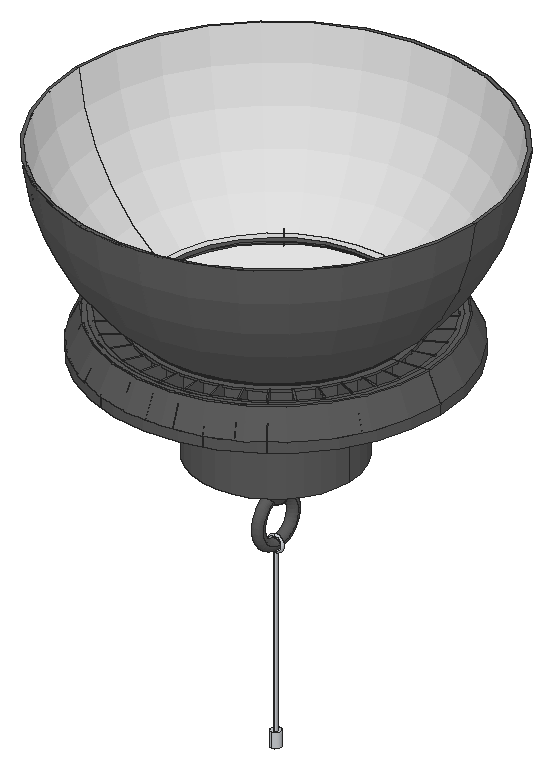
Revit family "0039364+0039360 Sylvania Lighting Fixture START HighBay IP65 DALI 26000lm 840 MB with ALU SHADE BLACK COLOR FOR 26KLM pendant", category Lighting Fixtures, host Face, Revit 2017
Family settings
  Host = Face
  Round Connector Dimension = Use Diameter
  Part Type = Normal
  OmniClass Number = 23.80.70.00
  OmniClass Title = Lighting
  Cut with Voids When Loaded = No
  Light Source = Yes
  Shared = No
  Room Calculation Point = No
Parameters (values of type "0039364+0039360 START HighBay IP65 DALI 26000lm 840 MB with ALU SHADE BLACK COLOR FOR 26KLM")
  WidthStraight_FEILO = if(SizeS_FEILO, 3 mm, if(SizeM_FEILO, 4 mm, 4.7 mm))  # 4.7 mm
  WidthRingChamfer_FEILO = if(SizeS_FEILO, 10.3 mm, if(SizeM_FEILO, 11.2 mm, 12.9 mm))  # 12.9 mm
  WidthCurved_FEILO = if(SizeS_FEILO, 17.4 mm, if(SizeM_FEILO, 16.4 mm, 26.2 mm))  # 26.2 mm
  WidthCurvedRing_FEILO = if(SizeS_FEILO, 3 mm, if(SizeM_FEILO, 4 mm, 4.7 mm))  # 4.7 mm
  WidthBracket_FEILO = 40 mm
  Weight = "3.7 kg"
  Wattage Comments = ""
  Wattage = 190 W
  WarrantyStartDate [instance] = "n/a"
  WarrantyGuarantorParts = "n/a"
  WarrantyDurationUnit = "n/a"
  WarrantyDurationParts = "n/a"
  WarrantyDescription = "n/a"
  built-in parameter 1150110 = 1 (stored number, unit not read)
  Voltage = 0 V
  VisibilityBracket_FEILO = no
  URL = "http://www.sylvania-lighting.com"
  TypeName = "START HighBay IP65 DALI 26000lm 840 MB with ALU SHADE BLACK COLOR FOR 26KLM"
  Type Image = <None>
  Type Comments = "n/a"
  built-in parameter 1114217 = 1 (stored number, unit not read)
  Tilt Angle = -90.00°
  ThicknessWall_FEILO = 1.5 mm
  ThicknessBracket_FEILO = 1.5 mm
  ThicknessBracketHalf_FEILO = ThicknessBracket_FEILO / 2  # 0.75 mm
  built-in parameter 1150109 = 1 (stored number, unit not read)
  built-in parameter 1150134 = 12
  SuspensionHeight_FEILO [instance] = 400 mm
  built-in parameter 1150113 = 1 (stored number, unit not read)
  SizeS_FEILO = no
  SizeM_FEILO = no
  ShadeThickness_FEILO = 3 mm
  ShadeSizeSM_FEILO = or(SizeS_FEILO, SizeM_FEILO)  # no
  ShadeRadiusOut_FEILO = 205 mm
  ShadeRadiusIn_FEILO = if(ShadeSizeSM_FEILO, 95 mm, 121 mm)  # 121 mm
  ShadeRadiusBend_FEILO = if(ShadeSizeSM_FEILO, 210 mm, 210 mm)  # 210 mm
  ShadeHeight_FEILO = if(ShadeSizeSM_FEILO, 120 mm, 151 mm)  # 151 mm
  SerialNumber [instance] = "n/a"
  Rib4_FEILO = if(SizeS_FEILO, 18.1 mm, if(SizeM_FEILO, 13.6 mm, 14.6 mm))  # 14.6 mm
  Rib3_FEILO = if(SizeS_FEILO, 15.3 mm, if(SizeM_FEILO, 17.6 mm, 20.2 mm))  # 20.2 mm
  Rib2_FEILO = if(SizeS_FEILO, 3.6 mm, if(SizeM_FEILO, 3.9 mm, 4.5 mm))  # 4.5 mm
  Rib1_FEILO = if(SizeS_FEILO, 15.1 mm, if(SizeM_FEILO, 16.5 mm, 19 mm))  # 19 mm
  RadiusDiffuser_FEILO = if(SizeS_FEILO, 95.2 mm, if(SizeM_FEILO, 105.3 mm, 120 mm))  # 120 mm
  RadiusArrayPost_FEILO = DriverRadius_FEILO - 6 mm  # 70.4 mm
  RHRadius3_FEILO = if(SizeS_FEILO, 6.6 mm, if(SizeM_FEILO, 7.4 mm, 8.6 mm))  # 8.6 mm
  RHRadius2_FEILO = if(SizeS_FEILO, 11 mm, if(SizeM_FEILO, 12 mm, 14 mm))  # 14 mm
  RHRadius1_FEILO = if(SizeS_FEILO, 13.6 mm, if(SizeM_FEILO, 14.9 mm, 17.7 mm))  # 17.7 mm
  RHHeight4_FEILO = if(SizeS_FEILO, 7.3 mm, if(SizeM_FEILO, 8 mm, 9.2 mm))  # 9.2 mm
  RHHeight3_FEILO = if(SizeS_FEILO, 3.6 mm, if(SizeM_FEILO, 3.7 mm, 4.6 mm))  # 4.6 mm
  RHHeight2_FEILO = if(SizeS_FEILO, 2 mm, if(SizeM_FEILO, 2.2 mm, 2.6 mm))  # 2.6 mm
  RHHeight1_FEILO = if(SizeS_FEILO, 11.8 mm, if(SizeM_FEILO, 15.3 mm, 17.4 mm))  # 17.4 mm
  Photometric Web File = "0039364+0039360.ies"
  Material_5_FEILO = Shade-Sylvania-StartHighbay-Alu
  Material_3_FEILO = LED-Sylvania-StartHighbay-Glow
  PowerFactor = 0.95
  PowerConsumption = "190 W"
  NominalLength = 339 mm
  NominalHeight = 189 mm
  NominalDepth = 339 mm
  Name = "START HighBay IP65 DALI 26000lm 840 MB with ALU SHADE BLACK COLOR FOR 26KLM"
  ModelReference = Name  # "START HighBay IP65 DALI 26000lm 840 MB with ALU SHADE BLACK COLOR FOR 26KLM"
  ModelNumber = "0039364+0039360"
  Model = Name  # "START HighBay IP65 DALI 26000lm 840 MB with ALU SHADE BLACK COLOR FOR 26KLM"
  Material = "aluminium alloy housing, polycarbonate diffuser"
  ManufacturerName = "Feilo Sylvania"
  Manufacturer = "Feilo Sylvania"
  LuminousEfficacy = "130 lm/W"
  built-in parameter 1150105 = 33569.2 (stored number, unit not read)
  Lumens = 24700 lm
  LuminaireType = ""
  built-in parameter 1150115 = 1 (stored number, unit not read)
  LightOutputRatio = "n/a"
  built-in parameter 1150137 = (empty or 0)
  built-in parameter 1150139 = (empty or 0)
  LampsType = Lamp  # "LED"
  LampNominalLuminous = "24700 lm"
  LampMacAdamStep = "6"
  LampColourTemperature = "4000 K"
  LampColourRenderingIndex = "80"
  built-in parameter 1150112 = 1 (stored number, unit not read)
  built-in parameter 1150114 = 1 (stored number, unit not read)
  Lamp = "LED"
  Keynote = "16500"
  InstallationDate [instance] = "n/a"
  InputVoltage = "n/a"
  InputNominalFrequency = "50/60 Hz"
  built-in parameter 1150132 = (empty or 0)
  built-in parameter 1150102 = (empty or 0)
  built-in parameter 1150107 = 4000 (stored number, unit not read)
  built-in parameter 1150138 = (empty or 0)
  IngressProtection = "IP65"
  ImpactProtectionIndex = "IK08"
  built-in parameter 1150106 = 335.69 (stored number, unit not read)
  IfcExportType = "IfcLightFixtureType"
  IfcExportAs = "IfcLightFixtureType"
  HeightRing_FEILO = if(SizeS_FEILO, 19.8 mm, if(SizeM_FEILO, 32 mm, 36.8 mm))  # 36.8 mm
  HeightRingChamfer_FEILO = if(SizeS_FEILO, 11.7 mm, if(SizeM_FEILO, 23.2 mm, 26.6 mm))  # 26.6 mm
  EyeThickness_FEILO = if(SizeS_FEILO, 8.4 mm, if(SizeM_FEILO, 9.2 mm, 10.5 mm))  # 10.5 mm
  EyeThicknessHalf_FEILO = EyeThickness_FEILO / 2  # 5.25 mm
  EyeInner_FEILO = if(SizeS_FEILO, 13.8 mm, if(SizeM_FEILO, 15.1 mm, 17.3 mm))  # 17.3 mm
  ExpectedLife = 50000
  Emit from Circle Diameter = RadiusDiffuser_FEILO * 2  # 240 mm
  Emit Shape Visible in Rendering = no
  ElectricShockClassification = "Class I"
  built-in parameter 1150104 = 12.077 (stored number, unit not read)
  DurationUnit = "hours"
  DriverVerticalStraight_FEILO = if(SizeS_FEILO, 46.5 mm, if(SizeM_FEILO, 49.7 mm, 57 mm))  # 57 mm
  DriverVerticalChamfer_FEILO = if(SizeS_FEILO, 7.5 mm, if(SizeM_FEILO, 8.2 mm, 9.5 mm))  # 9.5 mm
  DriverRadius_FEILO = if(SizeS_FEILO, 61.4 mm, if(SizeM_FEILO, 67.2 mm, 76.4 mm))  # 76.4 mm
  DriverRadiusTop_FEILO = if(SizeS_FEILO, 42 mm, if(SizeM_FEILO, 45.3 mm, 52.4 mm))  # 52.4 mm
  DriverBottom_FEILO = if(SizeS_FEILO, 56 mm, if(SizeM_FEILO, 64.5 mm, 74 mm))  # 74 mm
  DocumentationLiterature = "http://www.sylvania-lighting.com/product/en-int/products/0039364"
  DimmingControlOptions = "Dimmable"
  Material_2_FEILO = Diffuser-Sylvania-StartHighbay-Transparent
  Radius_FEILO = if(SizeS_FEILO, 135 mm, if(SizeM_FEILO, 148 mm, 169.5 mm))  # 169.5 mm
  Dimming Lamp Color Temperature Shift = <None>
  DiameterWire_FEILO = 3 mm
  DiameterWireSupport_FEILO = 10 mm
  Description = "START Highbay, includes 1 m cables, black aluminium housing, 24,700 Lm, 190 W, 130 Lm/W, 4000 K, drive current: 4100 mA, CRI 80, 60° beam angle, DALI dimmable, IP65, IK08, 50,000 hrs (L80/B50), (D x H) 339 x 189 mm."
  Default Elevation = 1219.2 mm
  CreatedOn = "5/15/2018"
  CreatedBy = ""
  Cost = 0
  Color Filter = 16777215
  built-in parameter 1114216 [instance] = (empty or 0)
  ClassificationValue = "EF_70_80"
  ClassificationName = "Uniclass2015"
  Material_1_FEILO = Body-Sylvania-StartHighbay-Black
  BarCode [instance] = "n/a"
  built-in parameter 1114218 = 1 (stored number, unit not read)
  built-in parameter 1150133 = 10 (stored number, unit not read)
  AssetType = "Fixed"
  AssetIdentifier [instance] = "n/a"
  Assembly Code = "D5020200"
  Apparent Load = 190 VA
  Material_4_FEILO = Shade-Sylvania-StartHighbay-Black
Reference planes
  plane 1 "Center (Front/Back)": y = 0
  plane 2: z = 0
  plane 3 "Center (Left/Right)": x = 0
  plane 4: z = 400
  plane 5: x = -169.5
  plane 6: x = -156.6
  plane 7: z = 373.4
  plane 8: z = 363.2
  plane 9: x = -151.9
  plane 10: z = 397.375
  plane 11: x = -125.7
  plane 12: x = -120
  plane 13: x = -147.2
  plane 14: z = 398.375
  plane 15: z = 396.375
  plane 16: x = -117
  plane 17: z = 395.375
  plane 18: x = -168
  plane 19: x = -150.5
  plane 20: z = 358.7
  plane 21: x = -130.3
  plane 22: z = 344.1
  plane 23: x = -20
  plane 24: z = 326
  plane 25: x = -76.4
  plane 26: z = 269
  plane 27: x = -52.4
  plane 28: z = 259.5
  plane 29: x = -17.7
  plane 30: z = 242.1
  plane 31: z = 239.5
  plane 32: x = -14
  plane 33: z = 234.9
  plane 34: z = 225.7
  plane 35: x = -8.6
  plane 36: z = 208.4
  plane 37: z = 191.1
  plane 38: x = 5.25
  plane 39: x = -5.25
  plane 40: z = 180.6
  plane 41: z = 185.85
  plane 42: x = -162.3
  plane 43: x = -167
  plane 44: z = 361.7
  plane 45: x = -155.1
  plane 46: z = 297.5
  plane 47: y = -20
  plane 48: y = 20
  plane 49: x = 169.5
  plane 50: x = 156.6
  plane 51: x = 168
  plane 52: x = 162.3
  plane 53: x = 167
  plane 54: x = 155.1
  plane 55: z = 194.1
  plane 56: y = 1.5
  plane 57: y = -1.5
  plane 58: z = 192.6
  plane 59: z = 179.1
  plane 60: z = 177.6
  plane 61: y = -5
  plane 62: y = 5
  plane 63: z = 14
  plane 64: x = -205
  plane 65: z = 551
  plane 66: x = -121
  plane 67: x = -113
  plane 68: x = -202
  plane 69: z = 403
Forms (mm)
  Revolve 1, solid, material "Body-Sylvania-StartHighbay-Black" <- "Material_1_FEILO", detail levels medium+fine
    sketch origin (0, 0, 0) x (1, 0, 0) y (0, 0, 1)
      loop
        line (-169.5, 363.2) -> (-168, 363.2) -> (-168, 373.055) -> (-156.206, 397.375) -> (-147.2, 397.375) -> (-147.2, 399.137)
        arc (-147.2, 399.137) -> (-149.554, 399.547) -> (-151.9, 400) r 132.063
        line (-151.9, 400) -> (-156.141, 400)
        arc (-156.141, 400) -> (-156.63, 399.826) -> (-156.899, 399.383) r 0.774
        line (-156.899, 399.383) -> (-169.5, 373.4) -> (-169.5, 363.2)
      axis (0, 400) -> (0, 363.2)
    angle from 360 to 0
  Revolve 2, solid, material "Body-Sylvania-StartHighbay-Black" <- "Material_1_FEILO", detail levels medium+fine
    sketch origin (0, 0, 0) x (1, 0, 0) y (0, 0, 1)
      loop
        line (-125.7, 395.375) -> (-120, 395.375) -> (-120, 373.4) -> (0, 373.4) -> (0, 395.375) -> (-117, 395.375) -> (-117, 396.375) -> (-120, 396.375) -> (-120, 397.375) -> (-125.7, 397.375) -> (-125.7, 395.375)
      axis (0, 397.375) -> (0, 373.4)
    angle from 360 to 0
  Revolve 3, solid, material "Diffuser-Sylvania-StartHighbay-Transparent" <- "Material_2_FEILO", detail levels medium+fine
    sketch origin (0, 0, 0) x (1, 0, 0) y (0, 0, 1)
      loop
        line (-120, 396.375) -> (0, 396.375) -> (0, 398.375) -> (-120, 398.375) -> (-120, 396.375)
      axis (0, 398.375) -> (0, 396.375)
    angle from 360 to 0
  Revolve 4, solid, material "Body-Sylvania-StartHighbay-Black" <- "Material_1_FEILO"
    sketch origin (0, 0, 0) x (1, 0, 0) y (0, 0, 1)
      loop
        line (-76.4, 344.1) -> (-76.4, 269) -> (-52.4, 259.5) -> (-17.7, 259.5) -> (-17.7, 242.1) -> (-14, 239.5) -> (-14, 234.9) -> (-9.037, 226.426)
        arc (-9.037, 226.426) -> (-8.49, 225.894) -> (-7.753, 225.7) r 1.5
        line (-7.753, 225.7) -> (0, 225.7) -> (0, 344.1) -> (-76.4, 344.1)
      axis (0, 344.1) -> (0, 225.7)
    angle from 360 to 0
  Revolve 5, solid, material "Body-Sylvania-StartHighbay-Black" <- "Material_1_FEILO"
    sketch origin (0, 0, 0) x (1, 0, 0) y (0, 0, 1)
      loop
        circle (0, 185.85) r 5.25
      axis (5.25, 208.4) -> (-5.25, 208.4)
    angle from 360 to 0
  Extrusion 6, solid, material "Body-Sylvania-StartHighbay-Black" <- "Material_1_FEILO", visible <- "VisibilityBracket_FEILO"
    sketch origin (0, 0, 0) x (1, 0, 0) y (0, 0, 1)
      loop
        line (-167, 363.2) -> (-167, 361.7) -> (-157.35, 361.7)
        arc (-157.35, 361.7) -> (-156.82, 361.48) -> (-156.6, 360.95) r 0.75
        line (-156.6, 360.95) -> (-156.6, 297.5) -> (-155.1, 297.5) -> (-155.1, 361.7)
        arc (-155.1, 361.7) -> (-155.539, 362.761) -> (-156.6, 363.2) r 1.5
        line (-156.6, 363.2) -> (-167, 363.2)
      loop
        line (167, 363.2) -> (156.6, 363.2)
        arc (156.6, 363.2) -> (155.539, 362.761) -> (155.1, 361.7) r 1.5
        line (155.1, 361.7) -> (155.1, 297.5) -> (156.6, 297.5) -> (156.6, 360.95)
        arc (156.6, 360.95) -> (156.82, 361.48) -> (157.35, 361.7) r 0.75
        line (157.35, 361.7) -> (167, 361.7) -> (167, 363.2)
    from -20 to 20
  Extrusion 7, void
    sketch origin (0, 0, 0) x (0, 1, 0) y (0, 0, 1)
      loop
        arc (-10, 297.5) -> (-17.071, 300.429) -> (-20, 307.5) r 10
        line (-20, 307.5) -> (-25, 307.5) -> (-25, 292.5) -> (-10, 292.5) -> (-10, 297.5)
      loop
        line (10, 297.5) -> (10, 292.5) -> (25, 292.5) -> (25, 307.5) -> (20, 307.5)
        arc (20, 307.5) -> (17.071, 300.429) -> (10, 297.5) r 10
    from -156.6 to 156.6
  Revolve 8, solid, material "Body-Sylvania-StartHighbay-Black" <- "Material_1_FEILO", detail levels coarse
    sketch origin (0, 0, 0) x (1, 0, 0) y (0, 0, 1)
      loop
        line (0, 400) -> (-156.6, 400) -> (-169.5, 373.4) -> (-169.5, 363.2) -> (-150.5, 363.2) -> (-150.5, 358.7) -> (-130.3, 344.1) -> (0, 344.1) -> (0, 400)
      axis (0, 400) -> (0, 344.1)
    angle from 360 to 0
  Revolve 9, solid
    sketch origin (0, 0, 0) x (0, 1, 0) y (0, 0, 1)
      loop
        circle (0, 192.6) r 1.5
      axis (1.5, 185.85) -> (-1.5, 185.85)
    angle from 360 to 0
  Revolve 10, solid
    sketch origin (0, 0, 0) x (0, 1, 0) y (0, 0, 1)
      loop
        line (0, 0) -> (0, 179.1) -> (-1.5, 179.1) -> (-1.5, 14) -> (-5, 14) -> (-5, 0) -> (0, 0)
      axis (0, 0) -> (0, 179.1)
    angle from 360 to 0
  Revolve 11, solid, material "Shade-Sylvania-StartHighbay-Black" <- "Material_4_FEILO"
    sketch origin (0, 0, 0) x (1, 0, 0) y (0, 0, 1)
      loop
        line (-121, 400) -> (-113, 400) -> (-113, 403) -> (-120.341, 403)
        arc (-120.341, 403) -> (-177.055, 468.269) -> (-202.193, 551) r 207.203
        line (-202.193, 551) -> (-205, 551)
        arc (-205, 551) -> (-179.25, 466.46) -> (-121, 400) r 210
      axis (0, 551) -> (0, 400)
    angle from 360 to 0
Cuts and joins
  Extrusion 7 cuts Extrusion 6
Lines and regions (mm)
  reference lines
    curve 1: line (-169.5, 0, 373.4) -> (-156.6, 0, 400)
    curve 2: line (-125.7, 0, 397.375) -> (0, 0, 397.375)
    curve 3: arc (-125.7, 0, 397.375) -> (-138.866, 0, 398.033) -> (-151.9, 0, 400) r 132.063
    curve 4: line (-156.6, 0, 400) -> (-151.9, 0, 400)
    curve 5: line (-156.206, 0, 397.375) -> (-168, 0, 373.055)
    curve 6: line (-150.5, 0, 358.7) -> (-130.3, 0, 344.1)
    curve 7: line (-14, 0, 234.9) -> (-8.6, 0, 225.7)
    curve 8: circle (0, 0, 185.85) r 5.25 normal (0, -1, 0)
    curve 9: arc (-121, 0, 400) -> (-179.25, 0, 466.46) -> (-205, 0, 551) r 210
Dimensions and locks
  "Radius_FEILO": plane 3 "Center (Left/Right)" to plane 5
  "WidthRingChamfer_FEILO": plane 6 to plane 5
  "WidthStraight_FEILO": plane 9 to plane 6
  "WidthCurvedRing_FEILO": plane 13 to plane 9
  locked: plane 10 to plane 15 at 1
  locked: plane 14 to plane 10 at 1
  locked: plane 4 to plane 10 at 2.625
  locked: plane 15 to plane 17 at 1
  "ThicknessWall_FEILO": plane 18 to plane 5
  "ThicknessWall_FEILO": curve 5 to curve 1
  "HeightRingChamfer_FEILO": plane 4 to plane 7
  "HeightRing_FEILO": plane 4 to plane 8
  "RadiusDiffuser_FEILO": plane 3 "Center (Left/Right)" to plane 12
  locked: plane 16 to plane 12 at 3
  "WidthCurved_FEILO": plane 11 to plane 9
  "SuspensionHeight_FEILO": plane 4 to plane 2
  "Rib1_FEILO": plane 19 to plane 5
  "Rib2_FEILO": plane 8 to plane 20
  "Rib3_FEILO": plane 21 to plane 19
  "Rib4_FEILO": plane 20 to plane 22
  locked: plane 3 "Center (Left/Right)" to plane 23 at 20
  "DriverBottom_FEILO": plane 4 to plane 24
  "DriverRadius_FEILO": plane 3 "Center (Left/Right)" to plane 25
  "DriverVerticalStraight_FEILO": plane 24 to plane 26
  "DriverRadiusTop_FEILO": plane 3 "Center (Left/Right)" to plane 27
  "DriverVerticalChamfer_FEILO": plane 26 to plane 28
  "RHRadius1_FEILO": plane 3 "Center (Left/Right)" to plane 29
  "RHHeight2_FEILO": plane 30 to plane 31
  "RHRadius2_FEILO": plane 3 "Center (Left/Right)" to plane 32
  "RHHeight3_FEILO": plane 31 to plane 33
  "RHHeight4_FEILO": plane 33 to plane 34
  "RHRadius3_FEILO": plane 3 "Center (Left/Right)" to plane 35
  "RHHeight1_FEILO": plane 28 to plane 30
  "EyeInner_FEILO": plane 34 to plane 36
  "EyeInner_FEILO": plane 36 to plane 37
  equal spacing: plane 38, plane 3 "Center (Left/Right)", plane 39
  "EyeThickness_FEILO": plane 38 to plane 39
  "EyeThickness_FEILO": plane 37 to plane 40
  equal spacing: plane 37, plane 41, plane 40
  equal spacing: plane 6, plane 42, plane 18
  "ThicknessBracket_FEILO": plane 45 to plane 6
  "ThicknessBracket_FEILO": plane 8 to plane 44
  locked: plane 43 to plane 18 at 1
  equal spacing: plane 24, plane 46, plane 26
  equal spacing: plane 47, plane 1 "Center (Front/Back)", plane 48
  "WidthBracket_FEILO": plane 47 to plane 48
  "WidthRingChamfer_FEILO": plane 50 to plane 49
  "ThicknessWall_FEILO": plane 51 to plane 49
  equal spacing: plane 50, plane 52, plane 51
  "ThicknessBracket_FEILO": plane 54 to plane 50
  locked: plane 53 to plane 51 at 1
  "Radius_FEILO": plane 49 to plane 3 "Center (Left/Right)"
  equal spacing: plane 57, imposter light, plane 56
  "DiameterWire_FEILO": plane 57 to plane 56
  "DiameterWire_FEILO": plane 37 to plane 55
  equal spacing: plane 37, plane 58, plane 55
  "DiameterWire_FEILO": plane 60 to plane 40
  equal spacing: plane 60, plane 59, plane 40
  equal spacing: plane 61, plane 1 "Center (Front/Back)", plane 62
  "DiameterWireSupport_FEILO": plane 61 to plane 62
  locked: plane 63 to plane 2 at 14
  "ShadeRadiusOut_FEILO": plane 3 "Center (Left/Right)" to plane 64
  "ShadeHeight_FEILO": plane 65 to plane 4
  "ShadeRadiusIn_FEILO": plane 3 "Center (Left/Right)" to plane 66
  locked: plane 67 to plane 66 at 8
  "ShadeThickness_FEILO": plane 69 to plane 4
  "ShadeThickness_FEILO": plane 68 to plane 64
  "EyeThicknessHalf_FEILO": radius of curve 8
  "ThicknessBracket_FEILO": radius of Extrusion 6 sketch curve  (x2)
  "ThicknessBracketHalf_FEILO": radius of Extrusion 6 sketch curve  (x2)
  "DiameterWire_FEILO": diameter of Revolve 9 sketch curve
  "ShadeRadiusBend_FEILO": radius of curve 9
  aligned and locked: plane 2 to host face
  aligned and locked: level to host face
  aligned and locked: plane 5 to curve 1
  aligned and locked: plane 6 to curve 1
  aligned and locked: plane 7 to curve 1
  aligned and locked: plane 10 to curve 2
  aligned and locked: plane 9 to curve 3
  aligned and locked: plane 4 to curve 3
  aligned and locked: plane 11 to curve 3
  aligned and locked: plane 4 to curve 4
  aligned and locked: plane 18 to curve 5
  aligned and locked: plane 10 to curve 5
  aligned and locked: Revolve 1 sketch curve to plane 3 "Center (Left/Right)"
  aligned and locked: Revolve 1 sketch curve to curve 3
  aligned and locked: Revolve 1 sketch curve to curve 1
  aligned and locked: plane 4 to Revolve 1 sketch curve
  aligned and locked: plane 9 to Revolve 1 sketch curve
  aligned and locked: Revolve 1 sketch curve to plane 13
  aligned and locked: Revolve 1 sketch curve to plane 10
  aligned and locked: plane 13 to Revolve 1 sketch curve
  aligned and locked: plane 10 to Revolve 1 sketch curve
  aligned and locked: Revolve 1 sketch curve to plane 18
  aligned and locked: Revolve 1 sketch curve to plane 8
  aligned and locked: plane 5 to Revolve 1 sketch curve  (x2)
  aligned and locked: Revolve 2 sketch curve to plane 3 "Center (Left/Right)"
  aligned and locked: plane 11 to Revolve 2 sketch curve
  aligned and locked: Revolve 2 sketch curve to curve 2
  aligned and locked: plane 15 to Revolve 2 sketch curve
  aligned and locked: Revolve 2 sketch curve to plane 16
  aligned and locked: plane 17 to Revolve 2 sketch curve  (x2)
  aligned and locked: Revolve 2 sketch curve to plane 12
  aligned and locked: plane 7 to Revolve 2 sketch curve
  aligned and locked: Revolve 3 sketch curve to plane 3 "Center (Left/Right)"
  aligned and locked: Revolve 3 sketch curve to plane 14
  aligned and locked: plane 3 "Center (Left/Right)" to Revolve 3 sketch curve
  aligned and locked: Revolve 3 sketch curve to plane 12
  aligned and locked: plane 15 to Revolve 3 sketch curve
  aligned and locked: Revolve 1 sketch curve to curve 5
  aligned and locked: plane 22 to curve 6
  aligned and locked: plane 21 to curve 6
  aligned and locked: plane 20 to curve 6
  aligned and locked: plane 19 to curve 6
  aligned and locked: plane 33 to curve 7
  aligned and locked: plane 32 to curve 7
  aligned and locked: plane 35 to curve 7
  aligned and locked: plane 34 to curve 7
  aligned and locked: Revolve 4 sketch curve to plane 3 "Center (Left/Right)"
  aligned and locked: Revolve 4 sketch curve to plane 25
  aligned and locked: plane 27 to Revolve 4 sketch curve
  aligned and locked: plane 28 to Revolve 4 sketch curve
  aligned and locked: plane 30 to Revolve 4 sketch curve
  aligned and locked: Revolve 4 sketch curve to plane 29
  aligned and locked: plane 31 to Revolve 4 sketch curve
  aligned and locked: Revolve 4 sketch curve to curve 7
  aligned and locked: Revolve 4 sketch curve to plane 32
  aligned and locked: plane 34 to Revolve 4 sketch curve
  aligned and locked: plane 3 "Center (Left/Right)" to Revolve 4 sketch curve
  aligned and locked: plane 3 "Center (Left/Right)" to curve 8
  aligned and locked: plane 41 to curve 8
  aligned and locked: Revolve 5 sketch curve to plane 36
  aligned and locked: Revolve 5 sketch curve to curve 8
  aligned and locked: plane 43 to Extrusion 6 sketch curve  (x2)
  aligned and locked: plane 8 to Extrusion 6 sketch curve  (x3)
  aligned and locked: Extrusion 6 sketch curve to plane 45
  aligned and locked: Extrusion 6 sketch curve to plane 46  (x2)
  aligned and locked: plane 6 to Extrusion 6 sketch curve
  aligned and locked: Extrusion 6 sketch curve to plane 44  (x2)
  aligned and locked: Extrusion 6 to plane 48
  aligned and locked: plane 47 to Extrusion 6
  aligned and locked: plane 53 to Extrusion 6 sketch curve
  aligned and locked: plane 50 to Extrusion 6 sketch curve
  aligned and locked: Extrusion 6 sketch curve to plane 54
  aligned and locked: Extrusion 7 sketch curve to Extrusion 7 sketch curve
  aligned and locked: Extrusion 7 to plane 6
  aligned and locked: Extrusion 7 to Extrusion 6
  aligned and locked: Revolve 4 sketch curve to plane 22
  aligned and locked: plane 23 to nested 1
  aligned and locked: plane 1 "Center (Front/Back)" to nested 1
  aligned and locked: Revolve 8 sketch curve to plane 3 "Center (Left/Right)"
  aligned and locked: Revolve 8 sketch curve to plane 4
  aligned and locked: plane 6 to Revolve 8 sketch curve
  aligned and locked: plane 4 to Revolve 8 sketch curve
  aligned and locked: plane 7 to Revolve 8 sketch curve
  aligned and locked: Revolve 8 sketch curve to plane 5
  aligned and locked: plane 8 to Revolve 8 sketch curve  (x2)
  aligned and locked: Revolve 8 sketch curve to plane 19
  aligned and locked: plane 20 to Revolve 8 sketch curve
  aligned and locked: plane 19 to Revolve 8 sketch curve
  aligned and locked: plane 21 to Revolve 8 sketch curve
  aligned and locked: plane 22 to Revolve 8 sketch curve  (x2)
  aligned and locked: Revolve 8 sketch curve to Revolve 8 sketch curve
  aligned and locked: imposter light to plane 4
  aligned and locked: plane 3 "Center (Left/Right)" to imposter light
  aligned and locked: imposter light to plane 1 "Center (Front/Back)"
  aligned and locked: Revolve 9 sketch curve to plane 41
  aligned and locked: Revolve 10 sketch curve to plane 1 "Center (Front/Back)"
  aligned and locked: plane 1 "Center (Front/Back)" to Revolve 10 sketch curve  (x2)
  aligned and locked: host face to Revolve 10 sketch curve
  aligned and locked: plane 63 to Revolve 10 sketch curve
  aligned and locked: Revolve 10 sketch curve to plane 61
  aligned and locked: Revolve 10 sketch curve to plane 57
  aligned and locked: plane 59 to Revolve 10 sketch curve
  aligned and locked: plane 64 to curve 9
  aligned and locked: plane 65 to curve 9
  aligned and locked: plane 66 to curve 9
  aligned and locked: plane 4 to curve 9
  aligned and locked: Revolve 11 sketch curve to curve 9
  aligned and locked: plane 67 to Revolve 11 sketch curve
  aligned and locked: plane 66 to Revolve 11 sketch curve
  aligned and locked: plane 65 to Revolve 11 sketch curve  (x2)
  aligned and locked: Revolve 11 sketch curve to plane 67
  aligned and locked: plane 69 to Revolve 11 sketch curve
Automatic sketch dimensions
  host sketch curve to host sketch curve = 2438.4 mm  (x2)
  Revolve 1 sketch curve to plane 6 = 0.299 mm
  plane 6 to Revolve 1 sketch curve = 0.459 mm
  Revolve 1 sketch curve to level = 609.6 mm
  Revolve 1 sketch curve to Revolve 1 sketch curve = 2312.223 mm
  Revolve 2 sketch curve to plane 12 = 0 mm
  Revolve 2 sketch curve to plane 3 "Center (Left/Right)" = 0 mm
  Revolve 2 sketch curve to level = 609.6 mm
  Revolve 2 sketch curve to plane 4 = 2339.058 mm
  Revolve 3 sketch curve to level = 609.6 mm
  Revolve 3 sketch curve to plane 4 = 2339.058 mm
  Revolve 5 sketch curve to plane 5 = 1080 mm
  plane 38 to Revolve 5 sketch curve = 1219.2 mm
  Extrusion 7 sketch curve to plane 47 = 0 mm
  plane 46 to Extrusion 7 sketch curve = 0 mm  (x2)
  Extrusion 7 sketch curve to plane 48 = 0 mm
  plane 47 to Extrusion 7 sketch curve = 5 mm
  plane 1 "Center (Front/Back)" to Extrusion 7 sketch curve = 10 mm
  Extrusion 7 sketch curve to Extrusion 7 sketch curve = 10 mm
  plane 46 to Extrusion 7 sketch curve = 5 mm
  Extrusion 7 sketch curve to Extrusion 7 sketch curve = 5 mm
  Extrusion 7 sketch curve to plane 48 = 5 mm
  Revolve 4 sketch curve to plane 26 = 0 mm
  Revolve 4 sketch curve to plane 35 = 0.437 mm
  plane 35 to Revolve 4 sketch curve = 0.847 mm
  Revolve 4 sketch curve to plane 34 = 0.726 mm
  plane 40 to Revolve 4 sketch curve = 590.2 mm
  Revolve 4 sketch curve to plane 4 = 2339.058 mm
  Revolve 8 sketch curve to level = 609.6 mm
  Revolve 8 sketch curve to Revolve 8 sketch curve = 2386.058 mm
  Revolve 9 sketch curve to plane 1 "Center (Front/Back)" = 0 mm
  plane 58 to Revolve 9 sketch curve = 0 mm
  plane 47 to Revolve 9 sketch curve = 2534.941 mm
  Revolve 9 sketch curve to plane 48 = 2077.409 mm
  Revolve 10 sketch curve to Revolve 10 sketch curve = 609.6 mm
  Revolve 10 sketch curve to plane 4 = 2123.807 mm
  curve 2 to plane 3 "Center (Left/Right)" = 0 mm
  Revolve 11 sketch curve to Revolve 11 sketch curve = 0 mm  (x2)
  Revolve 11 sketch curve to plane 3 "Center (Left/Right)" = 0 mm
  plane 66 to Revolve 11 sketch curve = 0.659 mm
  Revolve 11 sketch curve to level = 609.6 mm
  Revolve 11 sketch curve to Revolve 11 sketch curve = 2068.248 mm
Nested families
  nested 1: "Start Highbay Rib" at (0, 0, 397.375), type "Type Name", detail levels medium+fine
    with SuspensionHeight_FEILO 2.6 mm
  nested 2: "Start Highbay Rib" at (0, 0, 397.375) x (0.9877, 0.1564, 0) z (0, 0, 1), type "Type Name", detail levels medium+fine
    with SuspensionHeight_FEILO 2.6 mm
  nested 3: "Start Highbay Rib" at (0, 0, 397.375) x (0.9511, 0.309, 0) z (0, 0, 1), type "Type Name", detail levels medium+fine
    with SuspensionHeight_FEILO 2.6 mm
  nested 4: "Start Highbay Rib" at (0, 0, 397.375) x (0.891, 0.454, 0) z (0, 0, 1), type "Type Name", detail levels medium+fine
    with SuspensionHeight_FEILO 2.6 mm
  nested 5: "Start Highbay Rib" at (0, 0, 397.375) x (0.809, 0.5878, 0) z (0, 0, 1), type "Type Name", detail levels medium+fine
    with SuspensionHeight_FEILO 2.6 mm
  nested 6: "Start Highbay Rib" at (0, 0, 397.375) x (0.7071, 0.7071, 0) z (0, 0, 1), type "Type Name", detail levels medium+fine
    with SuspensionHeight_FEILO 2.6 mm
  nested 7: "Start Highbay Rib" at (0, 0, 397.375) x (0.5878, 0.809, 0) z (0, 0, 1), type "Type Name", detail levels medium+fine
    with SuspensionHeight_FEILO 2.6 mm
  nested 8: "Start Highbay Rib" at (0, 0, 397.375) x (0.454, 0.891, 0) z (0, 0, 1), type "Type Name", detail levels medium+fine
    with SuspensionHeight_FEILO 2.6 mm
  nested 9: "Start Highbay Rib" at (0, 0, 397.375) x (0.309, 0.9511, 0) z (0, 0, 1), type "Type Name", detail levels medium+fine
    with SuspensionHeight_FEILO 2.6 mm
  nested 10: "Start Highbay Rib" at (0, 0, 397.375) x (0.1564, 0.9877, 0) z (0, 0, 1), type "Type Name", detail levels medium+fine
    with SuspensionHeight_FEILO 2.6 mm
  nested 11: "Start Highbay Rib" at (0, 0, 397.375) x (0, 1, 0) z (0, 0, 1), type "Type Name", detail levels medium+fine
    with SuspensionHeight_FEILO 2.6 mm
  nested 12: "Start Highbay Rib" at (0, 0, 397.375) x (-0.1564, 0.9877, 0) z (0, 0, 1), type "Type Name", detail levels medium+fine
    with SuspensionHeight_FEILO 2.6 mm
  nested 13: "Start Highbay Rib" at (0, 0, 397.375) x (-0.309, 0.9511, 0) z (0, 0, 1), type "Type Name", detail levels medium+fine
    with SuspensionHeight_FEILO 2.6 mm
  nested 14: "Start Highbay Rib" at (0, 0, 397.375) x (-0.454, 0.891, 0) z (0, 0, 1), type "Type Name", detail levels medium+fine
    with SuspensionHeight_FEILO 2.6 mm
  nested 15: "Start Highbay Rib" at (0, 0, 397.375) x (-0.5878, 0.809, 0) z (0, 0, 1), type "Type Name", detail levels medium+fine
    with SuspensionHeight_FEILO 2.6 mm
  nested 16: "Start Highbay Rib" at (0, 0, 397.375) x (-0.7071, 0.7071, 0) z (0, 0, 1), type "Type Name", detail levels medium+fine
    with SuspensionHeight_FEILO 2.6 mm
  nested 17: "Start Highbay Rib" at (0, 0, 397.375) x (-0.809, 0.5878, 0) z (0, 0, 1), type "Type Name", detail levels medium+fine
    with SuspensionHeight_FEILO 2.6 mm
  nested 18: "Start Highbay Rib" at (0, 0, 397.375) x (-0.891, 0.454, 0) z (0, 0, 1), type "Type Name", detail levels medium+fine
    with SuspensionHeight_FEILO 2.6 mm
  nested 19: "Start Highbay Rib" at (0, 0, 397.375) x (-0.9511, 0.309, 0) z (0, 0, 1), type "Type Name", detail levels medium+fine
    with SuspensionHeight_FEILO 2.6 mm
  nested 20: "Start Highbay Rib" at (0, 0, 397.375) x (-0.9877, 0.1564, 0) z (0, 0, 1), type "Type Name", detail levels medium+fine
    with SuspensionHeight_FEILO 2.6 mm
  nested 21: "Start Highbay Rib" at (0, 0, 397.375) x (-1, 0, 0) z (0, 0, 1), type "Type Name", detail levels medium+fine
    with SuspensionHeight_FEILO 2.6 mm
  nested 22: "Start Highbay Rib" at (0, 0, 397.375) x (-0.9877, -0.1564, 0) z (0, 0, 1), type "Type Name", detail levels medium+fine
    with SuspensionHeight_FEILO 2.6 mm
  nested 23: "Start Highbay Rib" at (0, 0, 397.375) x (-0.9511, -0.309, 0) z (0, 0, 1), type "Type Name", detail levels medium+fine
    with SuspensionHeight_FEILO 2.6 mm
  nested 24: "Start Highbay Rib" at (0, 0, 397.375) x (-0.891, -0.454, 0) z (0, 0, 1), type "Type Name", detail levels medium+fine
    with SuspensionHeight_FEILO 2.6 mm
  nested 25: "Start Highbay Rib" at (0, 0, 397.375) x (-0.809, -0.5878, 0) z (0, 0, 1), type "Type Name", detail levels medium+fine
    with SuspensionHeight_FEILO 2.6 mm
  nested 26: "Start Highbay Rib" at (0, 0, 397.375) x (-0.7071, -0.7071, 0) z (0, 0, 1), type "Type Name", detail levels medium+fine
    with SuspensionHeight_FEILO 2.6 mm
  nested 27: "Start Highbay Rib" at (0, 0, 397.375) x (-0.5878, -0.809, 0) z (0, 0, 1), type "Type Name", detail levels medium+fine
    with SuspensionHeight_FEILO 2.6 mm
  nested 28: "Start Highbay Rib" at (0, 0, 397.375) x (-0.454, -0.891, 0) z (0, 0, 1), type "Type Name", detail levels medium+fine
    with SuspensionHeight_FEILO 2.6 mm
  nested 29: "Start Highbay Rib" at (0, 0, 397.375) x (-0.309, -0.9511, 0) z (0, 0, 1), type "Type Name", detail levels medium+fine
    with SuspensionHeight_FEILO 2.6 mm
  nested 30: "Start Highbay Rib" at (0, 0, 397.375) x (-0.1564, -0.9877, 0) z (0, 0, 1), type "Type Name", detail levels medium+fine
    with SuspensionHeight_FEILO 2.6 mm
  nested 31: "Start Highbay Rib" at (0, 0, 397.375) x (0, -1, 0) z (0, 0, 1), type "Type Name", detail levels medium+fine
    with SuspensionHeight_FEILO 2.6 mm
  nested 32: "Start Highbay Rib" at (0, 0, 397.375) x (0.1564, -0.9877, 0) z (0, 0, 1), type "Type Name", detail levels medium+fine
    with SuspensionHeight_FEILO 2.6 mm
  nested 33: "Start Highbay Rib" at (0, 0, 397.375) x (0.309, -0.9511, 0) z (0, 0, 1), type "Type Name", detail levels medium+fine
    with SuspensionHeight_FEILO 2.6 mm
  nested 34: "Start Highbay Rib" at (0, 0, 397.375) x (0.454, -0.891, 0) z (0, 0, 1), type "Type Name", detail levels medium+fine
    with SuspensionHeight_FEILO 2.6 mm
  nested 35: "Start Highbay Rib" at (0, 0, 397.375) x (0.5878, -0.809, 0) z (0, 0, 1), type "Type Name", detail levels medium+fine
    with SuspensionHeight_FEILO 2.6 mm
  nested 36: "Start Highbay Rib" at (0, 0, 397.375) x (0.7071, -0.7071, 0) z (0, 0, 1), type "Type Name", detail levels medium+fine
    with SuspensionHeight_FEILO 2.6 mm
  nested 37: "Start Highbay Rib" at (0, 0, 397.375) x (0.809, -0.5878, 0) z (0, 0, 1), type "Type Name", detail levels medium+fine
    with SuspensionHeight_FEILO 2.6 mm
  nested 38: "Start Highbay Rib" at (0, 0, 397.375) x (0.891, -0.454, 0) z (0, 0, 1), type "Type Name", detail levels medium+fine
    with SuspensionHeight_FEILO 2.6 mm
  nested 39: "Start Highbay Rib" at (0, 0, 397.375) x (0.9511, -0.309, 0) z (0, 0, 1), type "Type Name", detail levels medium+fine
    with SuspensionHeight_FEILO 2.6 mm
  nested 40: "Start Highbay Rib" at (0, 0, 397.375) x (0.9877, -0.1564, 0) z (0, 0, 1), type "Type Name", detail levels medium+fine
    with SuspensionHeight_FEILO 2.6 mm
Connectors
  electrical at (0, 0, 0), driven by "Apparent Load", driven by "PowerFactor", driven by "Voltage"
    settings: index 1, voltage 0 V, apparent load 190 VA, apparent load phase1 0 VA, apparent load phase2 0 VA, apparent load phase3 0 VA, power factor 0.95, load classification "Lighting", number of poles 1, system type 30, power factor state 1, is connector primary yes, connector utility no, sub classification motor no, connector description ""
Definition of nested family "Start Highbay Rib"
  Parameters (values of type "Type Name")
    WidthStraight_FEILO = if(SizeS_FEILO, 3 mm, if(SizeM_FEILO, 4 mm, 4.7 mm))  # 3 mm
    WidthRingChamfer_FEILO = if(SizeS_FEILO, 10.3 mm, if(SizeM_FEILO, 11.2 mm, 12.9 mm))  # 10.3 mm
    WidthCurved_FEILO = if(SizeS_FEILO, 17.4 mm, if(SizeM_FEILO, 16.4 mm, 26.2 mm))  # 17.4 mm
    WidthCurvedRing_FEILO = if(SizeS_FEILO, 3 mm, if(SizeM_FEILO, 4 mm, 4.7 mm))  # 3 mm
    WidthBracket_FEILO = 40 mm
    URL = "http://www.feilosylvania.com"
    Type Image = (empty or 0)
    Type Comments = "n/a"
    ThicknessWall_FEILO = 1.5 mm
    ThicknessBracket_FEILO = 1.5 mm
    ThicknessBracketHalf_FEILO = ThicknessBracket_FEILO / 2  # 0.75 mm
    SuspensionHeight_FEILO [instance] = 2.6 mm
    SizeS_FEILO = yes
    SizeM_FEILO = no
    Rib4_FEILO = if(SizeS_FEILO, 18.1 mm, if(SizeM_FEILO, 13.6 mm, 14.6 mm))  # 18.1 mm
    Rib3_FEILO = if(SizeS_FEILO, 15.3 mm, if(SizeM_FEILO, 17.6 mm, 20.2 mm))  # 15.3 mm
    Rib2_FEILO = if(SizeS_FEILO, 3.6 mm, if(SizeM_FEILO, 3.9 mm, 4.5 mm))  # 3.6 mm
    Rib1_FEILO = if(SizeS_FEILO, 15.1 mm, if(SizeM_FEILO, 16.5 mm, 19 mm))  # 15.1 mm
    RadiusRib_FEILO = 2 mm
    RadiusDiffuser_FEILO = if(SizeS_FEILO, 95.2 mm, if(SizeM_FEILO, 105.3 mm, 120 mm))  # 95.2 mm
    RHRadius3_FEILO = if(SizeS_FEILO, 6.6 mm, if(SizeM_FEILO, 7.4 mm, 8.6 mm))  # 6.6 mm
    RHRadius2_FEILO = if(SizeS_FEILO, 11 mm, if(SizeM_FEILO, 12 mm, 14 mm))  # 11 mm
    RHRadius1_FEILO = if(SizeS_FEILO, 13.6 mm, if(SizeM_FEILO, 14.9 mm, 17.7 mm))  # 13.6 mm
    RHHeight4_FEILO = if(SizeS_FEILO, 7.3 mm, if(SizeM_FEILO, 8 mm, 9.2 mm))  # 7.3 mm
    RHHeight3_FEILO = if(SizeS_FEILO, 3.6 mm, if(SizeM_FEILO, 3.7 mm, 4.6 mm))  # 3.6 mm
    RHHeight2_FEILO = if(SizeS_FEILO, 2 mm, if(SizeM_FEILO, 2.2 mm, 2.6 mm))  # 2 mm
    RHHeight1_FEILO = if(SizeS_FEILO, 11.8 mm, if(SizeM_FEILO, 15.3 mm, 17.4 mm))  # 11.8 mm
    Material_3_FEILO = none
    Model = ""
    Manufacturer = "Feilo Sylvania"
    Keynote = "16500"
    HeightRing_FEILO = if(SizeS_FEILO, 19.8 mm, if(SizeM_FEILO, 32 mm, 36.8 mm))  # 19.8 mm
    HeightRingChamfer_FEILO = if(SizeS_FEILO, 11.7 mm, if(SizeM_FEILO, 23.2 mm, 26.6 mm))  # 11.7 mm
    EyeThickness_FEILO = if(SizeS_FEILO, 8.4 mm, if(SizeM_FEILO, 9.2 mm, 10.5 mm))  # 8.4 mm
    EyeThicknessHalf_FEILO = EyeThickness_FEILO / 2  # 4.2 mm
    EyeInner_FEILO = if(SizeS_FEILO, 13.8 mm, if(SizeM_FEILO, 15.1 mm, 17.3 mm))  # 13.8 mm
    DriverVerticalStraight_FEILO = if(SizeS_FEILO, 46.5 mm, if(SizeM_FEILO, 49.7 mm, 57 mm))  # 46.5 mm
    DriverVerticalChamfer_FEILO = if(SizeS_FEILO, 7.5 mm, if(SizeM_FEILO, 8.2 mm, 9.5 mm))  # 7.5 mm
    DriverRadius_FEILO = if(SizeS_FEILO, 61.4 mm, if(SizeM_FEILO, 67.2 mm, 76.4 mm))  # 61.4 mm
    DriverRadiusTop_FEILO = if(SizeS_FEILO, 42 mm, if(SizeM_FEILO, 45.3 mm, 52.4 mm))  # 42 mm
    DriverBottom_FEILO = if(SizeS_FEILO, 56 mm, if(SizeM_FEILO, 64.5 mm, 74 mm))  # 56 mm
    Material_2_FEILO = none
    Radius_FEILO = if(SizeS_FEILO, 135 mm, if(SizeM_FEILO, 148 mm, 169.5 mm))  # 135 mm
    Description = ""
    Default Elevation = 1219.2 mm
    Cost = 0
    Material_1_FEILO = none
    Assembly Code = "D5020200"
    Material_4_FEILO = none
  Reference planes
    plane 1 "Center (Front/Back)": y = 0
    plane 2: z = 0
    plane 3 "Center (Left/Right)": x = 0
    plane 4: z = 2.6
    plane 5: x = -135
    plane 6: x = -124.7
    plane 7: z = -9.1
    plane 8: z = -17.2
    plane 9: x = -121.7
    plane 10: z = -0.025
    plane 11: x = -104.3
    plane 12: x = -95.2
    plane 13: x = -118.7
    plane 14: z = 0.975
    plane 15: z = -1.025
    plane 16: x = -92.2
    plane 17: z = -2.025
    plane 18: x = -133.5
    plane 19: x = -119.9
    plane 20: z = -20.8
    plane 21: x = -104.6
    plane 22: z = -38.9
    plane 23: x = -20
    plane 24: z = -53.4
    plane 25: x = -61.4
    plane 26: z = -99.9
    plane 27: x = -42
    plane 28: z = -107.4
    plane 29: x = -13.6
    plane 30: z = -119.2
    plane 31: z = -121.2
    plane 32: x = -11
    plane 33: z = -124.8
    plane 34: z = -132.1
    plane 35: x = -6.6
    plane 36: z = -145.9
    plane 37: z = -159.7
    plane 38: x = 4.2
    plane 39: x = -4.2
    plane 40: z = -168.1
    plane 41: z = -163.9
    plane 42: x = -129.1
    plane 43: x = -132.5
    plane 44: z = -18.7
    plane 45: x = -123.2
    plane 46: z = -76.65
    plane 47: y = -20
    plane 48: y = 20
    plane 49: x = 135
    plane 50: x = 124.7
    plane 51: x = 133.5
    plane 52: x = 129.1
    plane 53: x = 132.5
    plane 54: x = 123.2
    plane 55: y = 0.75
    plane 56: y = -0.75
  Forms (mm)
    Extrusion 1, solid
      sketch origin (4.2, 0, 0) x (1, 0, 0) y (0, 1, 0)
        loop
          line (-1219.2, 1219.2) -> (-1219.2, -1219.2) -> (1219.2, -1219.2) -> (1219.2, 1219.2) -> (-1219.2, 1219.2)
      from 0 to -68.017
    Extrusion 2, solid, material <- "Material_1_FEILO"
      sketch origin (0, 0, 0) x (1, 0, 0) y (0, 0, 1)
        loop
          arc (-104.3, -0.025) -> (-111.555, 0.423) -> (-118.7, 1.76) r 58.981
          line (-118.7, 1.76) -> (-118.7, -0.025) -> (-125.012, -0.025) -> (-133.5, -9.666) -> (-133.5, -17.2) -> (-119.9, -17.2) -> (-119.9, -20.068)
          arc (-119.9, -20.068) -> (-119.778, -20.755) -> (-119.427, -21.359) r 2
          line (-119.427, -21.359) -> (-104.966, -38.467)
          arc (-104.966, -38.467) -> (-104.381, -38.789) -> (-103.723, -38.9) r 2
          line (-103.723, -38.9) -> (-20, -38.9) -> (-20, -9.1) -> (-95.2, -9.1) -> (-95.2, -2.025) -> (-104.3, -2.025) -> (-104.3, -0.025)
      from -0.75 to 0.75
  Lines and regions (mm)
    reference lines
      curve 1: line (-135, 0, -9.1) -> (-124.7, 0, 2.6)
      curve 2: line (-104.3, 0, -0.025) -> (0, 0, -0.025)
      curve 3: arc (-104.3, 0, -0.025) -> (-113.098, 0, 0.635) -> (-121.7, 0, 2.6) r 58.981
      curve 4: line (-124.7, 0, 2.6) -> (-121.7, 0, 2.6)
      curve 5: line (-125.012, 0, -0.025) -> (-133.5, 0, -9.666)
      curve 6: line (-119.9, 0, -20.8) -> (-104.6, 0, -38.9)
  Dimensions and locks
    "Radius_FEILO": plane 3 "Center (Left/Right)" to plane 5
    "WidthRingChamfer_FEILO": plane 6 to plane 5
    "WidthStraight_FEILO": plane 9 to plane 6
    "WidthCurvedRing_FEILO": plane 13 to plane 9
    locked: plane 10 to plane 15 at 1
    locked: plane 14 to plane 10 at 1
    locked: plane 4 to plane 10 at 2.625
    locked: plane 15 to plane 17 at 1
    "ThicknessWall_FEILO": plane 18 to plane 5
    "ThicknessWall_FEILO": curve 5 to curve 1
    "HeightRingChamfer_FEILO": plane 4 to plane 7
    "HeightRing_FEILO": plane 4 to plane 8
    "RadiusDiffuser_FEILO": plane 3 "Center (Left/Right)" to plane 12
    locked: plane 16 to plane 12 at 3
    "WidthCurved_FEILO": plane 11 to plane 9
    "SuspensionHeight_FEILO": plane 4 to plane 2
    "Rib1_FEILO": plane 19 to plane 5
    "Rib2_FEILO": plane 8 to plane 20
    "Rib3_FEILO": plane 21 to plane 19
    "Rib4_FEILO": plane 20 to plane 22
    locked: plane 3 "Center (Left/Right)" to plane 23 at 20
    "DriverBottom_FEILO": plane 4 to plane 24
    "DriverRadius_FEILO": plane 3 "Center (Left/Right)" to plane 25
    "DriverVerticalStraight_FEILO": plane 24 to plane 26
    "DriverRadiusTop_FEILO": plane 3 "Center (Left/Right)" to plane 27
    "DriverVerticalChamfer_FEILO": plane 26 to plane 28
    "RHRadius1_FEILO": plane 3 "Center (Left/Right)" to plane 29
    "RHHeight2_FEILO": plane 30 to plane 31
    "RHRadius2_FEILO": plane 3 "Center (Left/Right)" to plane 32
    "RHHeight3_FEILO": plane 31 to plane 33
    "RHHeight4_FEILO": plane 33 to plane 34
    "RHRadius3_FEILO": plane 3 "Center (Left/Right)" to plane 35
    "RHHeight1_FEILO": plane 28 to plane 30
    "EyeInner_FEILO": plane 34 to plane 36
    "EyeInner_FEILO": plane 36 to plane 37
    equal spacing: plane 38, plane 3 "Center (Left/Right)", plane 39
    "EyeThickness_FEILO": plane 38 to plane 39
    "EyeThickness_FEILO": plane 37 to plane 40
    equal spacing: plane 37, plane 41, plane 40
    equal spacing: plane 6, plane 42, plane 18
    "ThicknessBracket_FEILO": plane 45 to plane 6
    "ThicknessBracket_FEILO": plane 8 to plane 44
    locked: plane 43 to plane 18 at 1
    equal spacing: plane 24, plane 46, plane 26
    equal spacing: plane 47, plane 1 "Center (Front/Back)", plane 48
    "WidthBracket_FEILO": plane 47 to plane 48
    "WidthRingChamfer_FEILO": plane 50 to plane 49
    "ThicknessWall_FEILO": plane 51 to plane 49
    equal spacing: plane 50, plane 52, plane 51
    "ThicknessBracket_FEILO": plane 54 to plane 50
    locked: plane 53 to plane 51 at 1
    "Radius_FEILO": plane 49 to plane 3 "Center (Left/Right)"
    equal spacing: plane 56, plane 1 "Center (Front/Back)", plane 55
    "ThicknessWall_FEILO": plane 56 to plane 55
    "RadiusRib_FEILO": radius of Extrusion 2 sketch curve  (x2)
    aligned and locked: plane 2 to Extrusion 1
    aligned and locked: level to Extrusion 1
    aligned and locked: plane 5 to curve 1
    aligned and locked: plane 6 to curve 1
    aligned and locked: plane 7 to curve 1
    aligned and locked: plane 10 to curve 2
    aligned and locked: plane 9 to curve 3
    aligned and locked: plane 4 to curve 3
    aligned and locked: plane 11 to curve 3
    aligned and locked: plane 4 to curve 4
    aligned and locked: plane 18 to curve 5
    aligned and locked: plane 10 to curve 5
    aligned and locked: plane 22 to curve 6
    aligned and locked: plane 21 to curve 6
    aligned and locked: plane 20 to curve 6
    aligned and locked: plane 19 to curve 6
    aligned and locked: Extrusion 2 sketch curve to plane 23
    aligned and locked: Extrusion 2 sketch curve to plane 22
    aligned and locked: Extrusion 2 sketch curve to curve 6
    aligned and locked: plane 19 to Extrusion 2 sketch curve
    aligned and locked: Extrusion 2 sketch curve to plane 8
    aligned and locked: Extrusion 2 sketch curve to curve 5
    aligned and locked: Extrusion 2 sketch curve to curve 3
    aligned and locked: Extrusion 2 to plane 55
    aligned and locked: plane 56 to Extrusion 2
    aligned and locked: curve 6 to Extrusion 2 sketch curve
  Automatic sketch dimensions
    Extrusion 1 sketch curve to Extrusion 1 sketch curve = 2438.4 mm  (x2)
    curve 2 to plane 3 "Center (Left/Right)" = 0 mm
    Extrusion 2 sketch curve to plane 18 = 0 mm
    Extrusion 2 sketch curve to plane 10 = 0 mm
    Extrusion 2 sketch curve to plane 13 = 0 mm
    Extrusion 2 sketch curve to plane 7 = 0 mm
    Extrusion 2 sketch curve to plane 12 = 0 mm
    Extrusion 2 sketch curve to plane 17 = 0 mm
    plane 19 to Extrusion 2 sketch curve = 0.473 mm
    Extrusion 2 sketch curve to plane 21 = 0.366 mm
